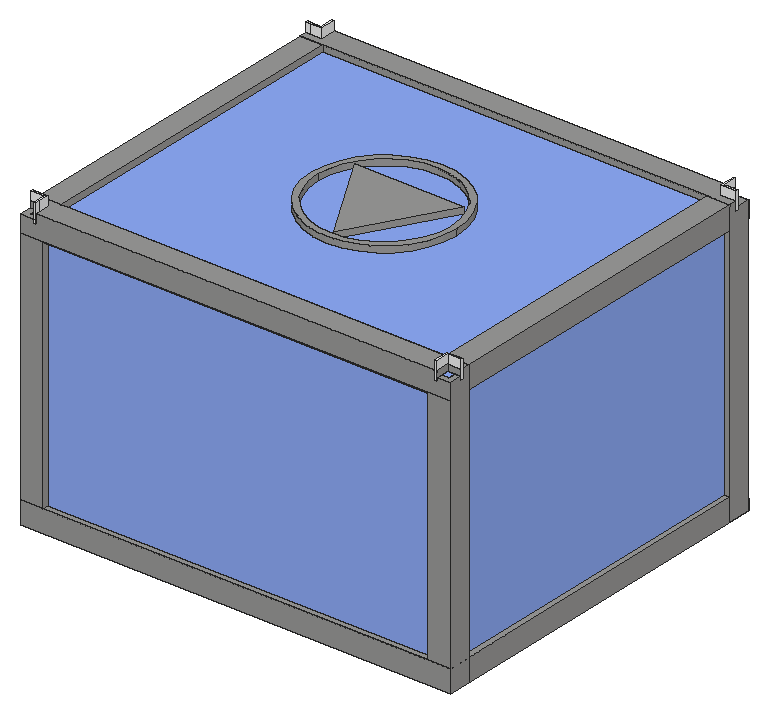
Revit family "3 Вентиляторы UTR WRH", category Оборудование, Revit 2016
Family settings
  Тип детали = Нормальный
  Размер круглого соединителя = Использовать диаметр
  На основе рабочей плоскости = Нет
  Всегда вертикально = Да
  При загрузке вырезать с полостями = Нет
  Общий = Нет
  Точка расчета площади = Нет
Parameters (values of type "50-25 WRH.22.4D")
  ширина = 500 mm
  размер В = 635 mm
  значок [instance] = yes
  высота = 250 mm
  Синий = Синий
  Д1 = Д - 20 mm  # 595 mm
  Д = 615 mm
  ножки(да/нет) [instance] = no
  Г = 395 mm
  Б1 = Б - 20 mm  # 450 mm
  А1 = А - 20 mm  # 690 mm
  А = 710 mm
  высота ножек = 50 mm
  Б = 470 mm
  Частотный преобразователь [instance] = no
  Частота вращения n, об/мин = "1428"
  Тип, марка, обозначение = "UTR 50-25 WRH.22.4D"
  Сила тока J, А = "0,95/1,65"
  Регулятор расхода [instance] = no
  Раздел = "ОВ"
  Примечание = ""
  Позиция = ""
  Напряжение U,В = "3х380/1x220"
  Наименование и тех.хар-ка = "Радиальный вентилятор с вперед загнутыми лопатками"  # constant formula
  Мощность двигателя N,Вт = "520"
  Материал = RAL 0000 Серый металл
  Масса единицы = "45.5"
  Код, оборудования = ""
  Ключевая пометка = "Вентиляция"
  Задание электрикам [instance] = no
  Задание автоматчикам [instance] = no
  Завод изготовитель = "KORF"  # constant formula
  Единица измерения = "шт."  # constant formula
  h = высота ножек + 10 mm  # 60 mm
Types (32, lengths in mm): name | ширина | размер В | высота | Д1 | Д | Г | Б1 | А1 | А | Б | Частота вращения n, об/мин | Тип, марка, обозначение | Сила тока J, А | Напряжение U,В | Мощность двигателя N,Вт | Материал | Масса единицы
  50-25 WRH.22.4E | 500 | 635 | 250 | 595 | 615 | 395 | 450 | 690 | 710 | 470 | "1418" | "UTR 50-25 WRH. 22.4E" | "2,3" | "1х220" | "480" | Сталь серая | "46"
  50-25 WRH.22.4D | 500 | 635 | 250 | 595 | 615 | 395 | 450 | 690 | 710 | 470 | "1428" | "UTR 50-25 WRH.22.4D" | "0,95/1,65" | "3х380/1x220" | "520" | RAL 0000 Серый металл | "45.5"
  50-25 WRH.22.6D | 500 | 635 | 250 | 595 | 615 | 395 | 450 | 690 | 710 | 470 | "952" | "UTR 50-25 WRH.22.6D" | "0,46/0,8" | "3х380/1x220" | "230" | Сталь серая | "44,5"
  50-25 WRH.25.4E | 500 | 635 | 250 | 630 | 650 | 395 | 450 | 690 | 710 | 470 | "1390" | "UTR 50-25 WRH.25.4E" | "3,7" | "1x220" | "820" | Сталь серая | "50,5"
  50-25 WRH.25.4D | 500 | 635 | 250 | 630 | 650 | 395 | 450 | 690 | 710 | 470 | "1461" | "UTR 50-25 WRH.25.4D" | "2,2/3,8" | "3х380/1x220" | "940" | Сталь серая | "50"
  50-25 WRH.25.6D | 500 | 635 | 250 | 630 | 650 | 395 | 450 | 690 | 710 | 470 | "930" | "UTR 50-25 WRH.25.6D" | "0,92/1,6" | "3х380/1x220" | "360" | Сталь серая | "47"
  50-30 WRH.25.4E | 500 | 635 | 300 | 630 | 650 | 445 | 500 | 690 | 710 | 520 | "1390" | "UTR 50-30 WRH.25.4E" | "3,7" | "1x220" | "820" | Сталь серая | "52"
  50-30 WRH.25.4D | 500 | 635 | 300 | 630 | 650 | 445 | 500 | 690 | 710 | 520 | "1461" | "UTR 50-30 WRH.25.4D" | "2,2/3,8" | "3x380/1x220" | "940" | Сталь серая | "51,5"
  50-30 WRH.25.6D | 500 | 635 | 300 | 630 | 650 | 445 | 500 | 690 | 710 | 520 | "930" | "UTR 50-30 WRH.25.6D" | "0,92/1,6" | "3x380/1x220" | "360" | Сталь серая | "48,5"
  50-30 WRH.28.4E | 500 | 635 | 300 | 710 | 730 | 445 | 500 | 690 | 710 | 520 | "1370" | "UTR 50-30 WRH.28.4E" | "5,1" | "1x220" | "1150" | Сталь серая | "61"
  50-30 WRH.28.4D | 500 | 635 | 300 | 710 | 730 | 445 | 500 | 690 | 710 | 520 | "1415" | "UTR 50-30 WRH.28.4D" | "2,6/4,5" | "3x380/1x220" | "1740" | Сталь серая | "60"
  50-30 WRH.28.6D | 500 | 635 | 300 | 710 | 730 | 445 | 500 | 690 | 710 | 520 | "955" | "UTR 50-30 WRH.28.6D" | "1,3/2,25" | "3x380/1x220" | "580" | Сталь серая | "52"
  60-30 WRH.28.4E | 600 | 735 | 300 | 710 | 730 | 445 | 500 | 790 | 810 | 520 | "1370" | "UTR 60-30 WRH.28.4E" | "5,1" | "1x220" | "1150" | Сталь серая | "63,5"
  60-30 WRH.28.4D | 600 | 735 | 300 | 710 | 730 | 445 | 500 | 790 | 810 | 520 | "1415" | "UTR 60-30 WRH.28.4D" | "2,6/4,5" | "3x380/1x220" | "1740" | Сталь серая | "63"
  60-30 WRH.28.6D | 600 | 735 | 300 | 710 | 730 | 445 | 500 | 790 | 810 | 520 | "955" | "UTR 60-30 WRH.28.6D" | "1,3/2,25" | "3x380/1x220" | "580" | Сталь серая | "55,2"
  60-30 WRH.31.4D | 600 | 735 | 300 | 820 | 840 | 445 | 500 | 790 | 810 | 520 | "1415" | "UTR 60-30 WRH.31.4D" | "4,9/8,5" | "3x380/1x220" | "2480" | Сталь серая | "74"
  60-30 WRH.31.6D | 600 | 735 | 300 | 820 | 840 | 445 | 500 | 790 | 810 | 520 | "930" | "UTR 60-30 WRH.31.6D" | "1,8/3,1" | "3x380/1x220" | "1850" | Сталь серая | "68"
  60-35 WRH.31.4D | 600 | 735 | 350 | 820 | 840 | 495 | 550 | 790 | 810 | 570 | "1415" | "UTR 60-35 WRH.31.4D" | "4,9/8,5" | "3x380/1x220" | "2480" | Сталь серая | "75"
  60-35 WRH.31.6D | 600 | 735 | 350 | 820 | 840 | 495 | 550 | 790 | 810 | 570 | "930" | "UTR 60-35 WRH.31.6D" | "1,8/3,1" | "3x380/1x220" | "1850" | Сталь серая | "69"
  60-35 WRH.35.4D | 600 | 735 | 350 | 845 | 865 | 495 | 550 | 790 | 810 | 570 | "1422" | "UTR 60-35 WRH.35.4D" | "6,0/10,5" | "3x380/1x220" | "3350" | Сталь серая | "91,5"
  60-35 WRH.35.6D | 600 | 735 | 350 | 845 | 865 | 495 | 550 | 790 | 810 | 570 | "925" | "UTR 60-35 WRH.35.6D" | "2,0/3,5" | "3x380/1x220" | "1100" | Сталь серая | "77"
  70-40 WRH.35.4D | 700 | 835 | 400 | 845 | 865 | 545 | 600 | 890 | 910 | 620 | "1422" | "UTR 70-40 WRH.35.4D" | "6,0/10,5" | "3x380/1x220" | "3350" | Сталь серая | "97"
  70-40 WRH.35.6D | 700 | 835 | 400 | 845 | 865 | 545 | 600 | 890 | 910 | 620 | "925" | "UTR 70-40 WRH.35.6D" | "2,0/3,5" | "3x380/1x220" | "1100" | Сталь серая | "83"
  70-40 WRH.35.8D | 700 | 835 | 400 | 845 | 865 | 545 | 600 | 890 | 910 | 620 | "670" | "UTR 70-40 WRH.35.8D" | "1,4/2,3" | "3x380/1x220" | "650" | Сталь серая | "83"
  80-50 WRH.40.4D | 800 | 935 | 500 | 955 | 975 | 645 | 700 | 990 | 1010 | 720 | "1415" | "UTR 80-50 WRH.40.4D" | "8,1" | "3x380" | "4980" | Сталь серая | "122"
  80-50 WRH.40.6D | 800 | 935 | 500 | 955 | 975 | 645 | 700 | 990 | 1010 | 720 | "945" | "UTR 80-50 WRH.40.6D" | "5,1/8,8" | "3x380/1x220" | "2810" | Сталь серая | "115"
  80-50 WRH.40.8D | 800 | 935 | 500 | 955 | 975 | 645 | 700 | 990 | 1010 | 720 | "701" | "UTR 80-50 WRH.40.8D" | "2,29/4,0" | "3x380/1x220" | "1240" | Сталь серая | "101"
  80-50 WRH.45.4D | 800 | 935 | 500 | 1080 | 1100 | 645 | 700 | 990 | 1010 | 720 | "1265" | "UTR 80-50 WRH.45.4D" | "8,3" | "3x380" | "4900" | Сталь серая | "132"
  80-50 WRH.45.6D | 800 | 935 | 500 | 1080 | 1100 | 645 | 700 | 990 | 1010 | 720 | "930" | "UTR 80-50 WRH.45.6D" | "6,8/11,8" | "3x380/1x220" | "3750" | Сталь серая | "132"
  90-50 WRH.45.4D | 900 | 1050 | 500 | 1080 | 1100 | 645 | 720 | 1105 | 1125 | 740 | "1265" | "UTR 90-50 WRH.45.4D" | "8,3" | "3x380" | "4900" | Сталь серая | "142"
  90-50 WRH.45.6D | 900 | 1050 | 500 | 1080 | 1100 | 645 | 720 | 1105 | 1125 | 740 | "930" | "UTR 90-50 WRH.45.6D" | "6,8/11,8" | "3x380/1x220" | "3750" | Сталь серая | "142"
  90-50 WRH.45.8D | 900 | 1050 | 500 | 1080 | 1100 | 645 | 720 | 1105 | 1125 | 740 | "690" | "UTR 90-50 WRH.45.8D" | "3,8/6,6" | "3x380/1x220" | "1850" | Сталь серая | "136"
Reference planes
  plane 1 "По центру (Вперед/Назад)": y = 0
  plane 2: z = 0
  plane 3 "По центру (Влево/Вправо)": x = 0
  plane 4: x = -345
  plane 5: x = 345
  plane 6: y = 297.5
  plane 7: y = -297.5
  plane 8: z = 510
  plane 9: z = 60
  plane 10: z = 535
Forms (mm)
  Extrusion 1, solid, material "Синий" <- "Синий", detail levels fine
    sketch origin (0, 0, 50) x (1, 0, 0) y (0, 1, 0)
      loop
        line (-345, 297.5) -> (-345, -297.5) -> (345, -297.5) -> (345, 297.5) -> (-345, 297.5)
    from 10 to 460
  Extrusion 2, void, not visible
    sketch origin (250, 144.929, 50) x (0, 1, 0) y (0, 0, -1)
      loop
        line (88.035, -475) -> (138.984, -475) -> (138.984, -450) -> (88.035, -450) -> (88.035, -475)
    from -47.452 to 12
  Extrusion 3, void
    sketch origin (-345, -197.465, 60) x (0, -1, 0) y (0, 0, -1)
      loop
        line (88.035, -475) -> (138.984, -475) -> (138.984, -450) -> (88.035, -450) -> (88.035, -475)
    from -47.452 to 12
  Sweep 4, solid, material "RAL 0000 Серый металл" <- "Материал", detail levels fine
    path origin (0, 0, 510) x (1, 0, 0) y (0, 1, 0)
      loop
        line (-345, -297.5) -> (345, -297.5) -> (345, 297.5) -> (-345, 297.5) -> (-345, -297.5)
    profile "Профиль уголок 10х10 : Профиль уголок 10х10" origin (0, -297.5, 510) x (0, 1, 0) y (0, 0, 1)
      loop
        line (0, -27.5) -> (0, 0) -> (27.5, 0) -> (27.5, 10) -> (-10, 10) -> (-10, -27.5) -> (0, -27.5)
  Sweep 5, solid, material "RAL 0000 Серый металл" <- "Материал", detail levels fine
    path origin (0, 0, 60) x (1, 0, 0) y (0, 1, 0)
      loop
        line (345, -297.5) -> (345, 297.5) -> (-345, 297.5) -> (-345, -297.5) -> (345, -297.5)
    profile "Профиль уголок 10х10 : Профиль уголок 10х10" origin (0, -297.5, 60) x (0, -1, 0) y (0, 0, 1)
      loop
        line (0, 27.5) -> (0, 0) -> (-27.5, 0) -> (-27.5, -10) -> (10, -10) -> (10, 27.5) -> (0, 27.5)
  Extrusion 6, void
    sketch origin (-244.965, 297.5, 60) x (-1, 0, 0) y (0, 0, -1)
      loop
        line (88.035, -475) -> (138.984, -475) -> (138.984, -450) -> (88.035, -450) -> (88.035, -475)
    from -47.452 to 12
  Extrusion 7, void
    sketch origin (345, 197.465, 60) x (0, 1, 0) y (0, 0, -1)
      loop
        line (88.035, -475) -> (138.984, -475) -> (138.984, -450) -> (88.035, -450) -> (88.035, -475)
    from -47.452 to 12
  Extrusion 8, void
    sketch origin (244.965, -297.5, 60) x (1, 0, 0) y (0, 0, -1)
      loop
        line (88.035, -475) -> (138.984, -475) -> (138.984, -450) -> (88.035, -450) -> (88.035, -475)
    from -47.452 to 12
  Sweep 9, solid, material "RAL 0000 Серый металл" <- "Материал", detail levels fine
    path origin (-345, 297.5, 50) x (1, 0, 0) y (0, 0, -1)
      loop
        line (0, -10) -> (0, -460) -> (690, -460) -> (690, -10) -> (0, -10)
    profile "Профиль уголок 10х10 : Профиль уголок 10х10" origin (-345, 297.5, 285) x (1, 0, 0) y (0, 1, 0)
      loop
        line (0, -27.5) -> (0, 0) -> (27.5, 0) -> (27.5, 10) -> (-10, 10) -> (-10, -27.5) -> (0, -27.5)
  Sweep 10, solid, material "RAL 0000 Серый металл" <- "Материал", detail levels fine
    path origin (345, -297.5, 50) x (-1, 0, 0) y (0, 0, -1)
      loop
        line (0, -10) -> (0, -460) -> (690, -460) -> (690, -10) -> (0, -10)
    profile "Профиль уголок 10х10 : Профиль уголок 10х10" origin (345, -297.5, 285) x (-1, 0, 0) y (0, -1, 0)
      loop
        line (0, -27.5) -> (0, 0) -> (27.5, 0) -> (27.5, 10) -> (-10, 10) -> (-10, -27.5) -> (0, -27.5)
  Extrusion 11, solid, material "RAL 0000 Серый металл" <- "Материал", visible <- "значок", detail levels fine
    sketch origin (0, 0, 0) x (1, 0, 0) y (0, 1, 0)
      loop
        circle (0, 0) r 120
      loop
        circle (0, 0) r 110
      loop
        line (0, -105) -> (90, 50.885) -> (-90, 50.885) -> (0, -105)
    from 510 to 520
Cuts and joins
  Extrusion 3, Extrusion 6, Extrusion 7, Extrusion 8 cuts Extrusion 1
  Extrusion 3, Extrusion 6, Extrusion 7, Extrusion 8 cuts Sweep 4
  Extrusion 3, Extrusion 8 cuts Sweep 10
  Extrusion 6, Extrusion 7 cuts Sweep 9
Dimensions and locks
  equal spacing: plane 6, plane 1 "По центру (Вперед/Назад)", plane 7
  "Д1": plane 6 to plane 7
  equal spacing: plane 4, plane 3 "По центру (Влево/Вправо)", plane 5
  "А1": plane 4 to plane 5
  "h": plane 9 to level
  "Б1": plane 8 to plane 9
  locked: plane 10 to plane 8 at 25
  Sweep 5 to level = 50 mm
  aligned and locked: level to plane 2
  aligned and locked: plane 6 to Extrusion 1
  aligned and locked: plane 5 to Extrusion 1
  aligned and locked: Extrusion 1 to plane 7
  aligned and locked: Extrusion 1 to plane 4
  aligned and locked: plane 8 to Extrusion 1
  aligned and locked: Extrusion 1 to plane 9
  aligned and locked: Extrusion 3 to nested 6
  aligned and locked: nested 6 to Extrusion 3
  aligned and locked: nested 6 to plane 10
  aligned and locked: nested 6 to cut or joined group of Extrusion 3, Sweep 4, Extrusion 6, Extrusion 7, Extrusion 8  (x2)
  aligned and locked: Extrusion 6 to nested 7  (x2)
  aligned and locked: nested 7 to cut or joined group of Extrusion 3, Sweep 4, Extrusion 6, Extrusion 7, Extrusion 8  (x2)
  aligned and locked: plane 10 to Extrusion 6
  aligned and locked: Extrusion 7 to nested 8  (x2)
  aligned and locked: nested 8 to plane 10
  aligned and locked: Extrusion 8 to nested 9  (x2)
  aligned and locked: nested 9 to cut or joined group of Extrusion 3, Sweep 4, Extrusion 6, Extrusion 7, Extrusion 8  (x2)
  aligned and locked: nested 9 to plane 10
  aligned and locked: Sweep 10 sketch curve to cut or joined group of Extrusion 1, Extrusion 3, Extrusion 6, Extrusion 7, Extrusion 8  (x2)
  aligned and locked: nested 8 to cut or joined group of Extrusion 6, Extrusion 7, Sweep 9
  aligned and locked: nested 3 to Sweep 5
  aligned and locked: nested 2 to Sweep 5
  aligned and locked: nested 1 to Sweep 5  (x2)
  aligned and locked: nested 4 to Sweep 5  (x2)
  aligned and locked: nested 8 to cut or joined group of Extrusion 3, Sweep 4, Extrusion 6, Extrusion 7, Extrusion 8
  aligned and locked: Sweep 5 to nested 3
  aligned and locked: Sweep 5 to nested 2
  aligned and locked: nested 10 to plane 5
  aligned and locked: plane 7 to nested 10
  aligned and locked: Extrusion 11 to plane 8
  aligned and locked: plane 7 to nested 11
  aligned and locked: plane 9 to nested 11
  aligned and locked: cut or joined group of Extrusion 3, Sweep 4, Extrusion 6, Extrusion 7, Extrusion 8 to Extrusion 11
Automatic sketch dimensions
  Extrusion 2 sketch curve to Extrusion 2 sketch curve = 50.949 mm
  Extrusion 2 sketch curve to Extrusion 2 sketch curve = 25 mm
  Extrusion 3 sketch curve to Extrusion 3 sketch curve = 50.949 mm
  Extrusion 3 sketch curve to Extrusion 3 sketch curve = 25 mm
  Extrusion 1 sketch curve to plane 4 = 0 mm
  Extrusion 1 sketch curve to plane 5 = 0 mm
  Extrusion 1 sketch curve to plane 7 = 0 mm
  Extrusion 1 sketch curve to plane 6 = 0 mm
  Sweep 4 sketch curve to Extrusion 1 = 0 mm  (x3)
  Extrusion 1 to Sweep 4 sketch curve = 0 mm
  Sweep 5 sketch curve to Extrusion 1 = 0 mm  (x3)
  Extrusion 1 to Sweep 5 sketch curve = 0 mm
  Extrusion 6 sketch curve to Extrusion 6 sketch curve = 50.949 mm
  Extrusion 6 sketch curve to Extrusion 6 sketch curve = 25 mm
  Extrusion 7 sketch curve to Extrusion 7 sketch curve = 50.949 mm
  Extrusion 7 sketch curve to Extrusion 7 sketch curve = 25 mm
  Extrusion 8 sketch curve to Extrusion 8 sketch curve = 50.949 mm
  Extrusion 8 sketch curve to Extrusion 8 sketch curve = 25 mm
  Extrusion 1 to Sweep 9 sketch curve = 0 mm
  Sweep 9 sketch curve to Extrusion 1 = 0 mm  (x3)
  Sweep 10 sketch curve to Extrusion 1 = 0 mm  (x2)
  Extrusion 11 sketch curve to Extrusion 11 sketch curve = 0 mm  (x2)
  Extrusion 11 sketch curve to plane 3 "По центру (Влево/Вправо)" = 0 mm  (x2)
  plane 1 "По центру (Вперед/Назад)" to Extrusion 11 sketch curve = 0 mm
  plane 1 "По центру (Вперед/Назад)" to Extrusion 11 sketch curve = 105 mm
  Extrusion 11 sketch curve to plane 3 "По центру (Влево/Вправо)" = 90 mm
  plane 3 "По центру (Влево/Вправо)" to Extrusion 11 sketch curve = 90 mm
  Extrusion 11 sketch curve to plane 1 "По центру (Вперед/Назад)" = 50.885 mm
  radius of Extrusion 11 sketch curve = 120 mm
  radius of Extrusion 11 sketch curve = 110 mm
Nested families
  nested 1: "Ножка 50мм" at (-358, 310.5, 0), visible <- "ножки(да/нет)", type "Ножка 50мм", detail levels fine
  nested 2: "Ножка 50мм" at (358, 310.5, 0) x (-1, 0, 0) z (0, 0, 1), visible <- "ножки(да/нет)", type "Ножка 50мм", detail levels fine
  nested 3: "Ножка 50мм" at (-358, -310.5, 0), visible <- "ножки(да/нет)", type "Ножка 50мм", detail levels fine
  nested 4: "Ножка 50мм" at (358, -310.5, 0) x (-1, 0, 0) z (0, 0, 1), visible <- "ножки(да/нет)", type "Ножка 50мм", detail levels fine
  nested 5: "крепление 15мм" at (-330, 229.965, 495), type "крепление 15мм", not visible, detail levels fine
  nested 6: "крепление 15мм" at (-330, -282.5, 505), type "крепление 15мм", detail levels fine
  nested 7: "крепление 15мм" at (-330, 282.5, 505) x (0, -1, 0) z (0, 0, 1), type "крепление 15мм", detail levels fine
  nested 8: "крепление 15мм" at (330, 282.5, 505) x (-1, 0, 0) z (0, 0, 1), type "крепление 15мм", detail levels fine
  nested 9: "крепление 15мм" at (330, -282.5, 505) x (0, 1, 0) z (0, 0, 1), type "крепление 15мм", detail levels fine
  nested 10: "УГО вентилятор(план)" at (0, 0, 510), Ширина <- "А1", длина <- "Д1", type "УГО вентилятор", detail levels coarse
    with длина 595 mm, Ширина 690 mm
  nested 11: "УГО вентилятор (разрез)" at (0, 0, 60) x (0, -1, 0) z (0, 0, 1), высота <- "Б1", длина <- "Д1", type "УГО вентилятор (разрез)", detail levels medium
    with длина 595 mm, высота 450 mm, Ширина 0 mm
Connectors
  hvac at (0, -297.5, 285), driven by "высота", driven by "ширина"
    settings: on cut or joined group of Extrusion 3, Extrusion 8, Sweep 10, index 1, duct flow 0.0 L/s, flow factor 0, pres drop 0.0 Pa, loss coef 0, conn angle 0.00°, conn width 500 mm, conn height 250 mm, conn diameter 609.6 mm, duct sys type 28, conn prof type 1, flow config 0, flow direction 0, loss method 0, conn ref index 2, conn util no, is conn primary yes, conn desc ""
  hvac at (0, 307.5, 285), driven by "высота", driven by "ширина"
    settings: on cut or joined group of Extrusion 6, Extrusion 7, Sweep 9, index 2, duct flow 0.0 L/s, flow factor 0, pres drop 0.0 Pa, loss coef 0, conn angle 0.00°, conn width 500 mm, conn height 250 mm, conn diameter 609.6 mm, duct sys type 28, conn prof type 1, flow config 0, flow direction 0, loss method 0, conn ref index 1, conn util no, is conn primary no, conn desc ""
Definition of nested family "Ножка 50мм"
  Parameters (values of type "Ножка 50мм")
    Материал ножек = none
  Reference planes
    plane 1 "По центру (Вперед/Назад)": y = 0
    plane 2: z = 0
    plane 3 "По центру (Влево/Вправо)": x = 0
  Forms (mm)
    Extrusion 1, solid, material <- "Материал ножек"
      sketch origin (0, 0, 0) x (1, 0, 0) y (0, 1, 0)
        loop
          line (0, 0) -> (0, -28) -> (3, -28) -> (3, -3) -> (28, -3) -> (28, 0) -> (0, 0)
      from 0 to 70
    Extrusion 2, solid, material <- "Материал ножек"
      sketch origin (0, 0, 0) x (1, 0, 0) y (0, 1, 0)
        loop
          line (0, 0) -> (0, -28.035) -> (28.021, -28.035) -> (28.021, 0) -> (0, 0)
      from 0 to 3
  Cuts and joins
    joined: Extrusion 1, Extrusion 2
  Dimensions and locks
    Extrusion 1 sketch curve to Extrusion 1 sketch curve = 3 mm  (x2)
    Extrusion 1 sketch curve to Extrusion 1 sketch curve = 28 mm  (x2)
    aligned and locked: level to plane 2
Definition of nested family "крепление 15мм"
  Parameters (values of type "крепление 15мм")
    Материал крепления = none
  Reference planes
    plane 1 "По центру (Вперед/Назад)": y = 0
    plane 2: z = 0
    plane 3 "По центру (Влево/Вправо)": x = 0
  Forms (mm)
    Extrusion 1, solid, material <- "Материал крепления"
      sketch origin (0, 0, 0) x (1, 0, 0) y (0, 1, 0)
        loop
          line (-25, 0) -> (0, 0) -> (0, 18.31) -> (0, 25) -> (-3, 25) -> (-3, 3) -> (-25, 3) -> (-25, 0)
      from 0 to 30
    Extrusion 2, void
      sketch origin (0, 0, 0) x (1, 0, 0) y (0, 1, 0)
        loop
          line (-3, 3) -> (-3, 54.96) -> (-58, 54.96) -> (-58, 3) -> (-3, 3)
      from 0 to 15
  Cuts and joins
    Extrusion 2 cuts Extrusion 1
  Dimensions and locks
    Extrusion 1 sketch curve to Extrusion 1 sketch curve = 3 mm  (x2)
    Extrusion 1 sketch curve to Extrusion 1 sketch curve to plane 3 "По центру (Влево/Вправо)" = 25 mm, 0 mm
    Extrusion 1 sketch curve to Extrusion 1 sketch curve = 25 mm
    aligned and locked: level to plane 2
Definition of nested family "УГО вентилятор(план)"
  Parameters (values of type "УГО вентилятор")
    длина [instance] = 750 mm
    Ширина [instance] = 410 mm
    Частота вращения n, об/мин = ""
    Тип, марка, обозначение = ""
    Сила тока J, А = ""
    Раздел = "ВПИСАТЬ РАЗДЕЛ"
    Примечание = ""
    Позиция = ""
    Default Elevation = 1219.2 mm
    Напряжение U,В = ""
    Наименование и тех.хар-ка = ""
    Мощность двигателя N,Вт = ""
    Материал = none
    Масса единицы = ""
    Код, оборудования = ""
    Keynote = "ВПИСАТЬ СПЕЦИАЛЬНОСТЬ"
    Завод изготовитель = ""
    Единица измерения = ""
    Диаметр = 110 mm
  Reference planes
    plane 1 "По центру (Вперед/Назад)": y = 0
    plane 2: z = 0
    plane 3 "По центру (Влево/Вправо)": x = 0
    plane 4: y = 375
    plane 5: y = -375
    plane 6: x = -205
    plane 7: x = 205
  Lines and regions (mm)
    model lines
      curve 1: line (-205, 375, 0) -> (205, 375, 0)
      curve 2: line (-205, -375, 0) -> (-205, 375, 0)
      curve 3: line (205, -375, 0) -> (-205, -375, 0)
      curve 4: line (205, 375, 0) -> (205, -375, 0)
      curve 5: circle (0, 0, 0) r 110 normal (0, 0, 1)
      curve 6: line (0, -110, 0) -> (95.263, 55, 0)
      curve 7: line (-95.263, 55, 0) -> (95.263, 55, 0)
      curve 8: line (0, -110, 0) -> (-95.263, 55, 0)
  Dimensions and locks
    "Ширина": plane 6 to plane 7
    "длина": plane 4 to plane 5
    equal spacing: plane 5, plane 1 "По центру (Вперед/Назад)", plane 4
    equal spacing: plane 6, plane 3 "По центру (Влево/Вправо)", plane 7
    "Диаметр": radius of curve 5
    aligned and locked: level to plane 2
  Automatic sketch dimensions
    plane 5 to curve 3 = 0 mm
    curve 3 to plane 6 = 0 mm
    curve 8 to plane 3 "По центру (Влево/Вправо)" = 0 mm
    plane 1 "По центру (Вперед/Назад)" to curve 5 = 0 mm
    curve 5 to plane 3 "По центру (Влево/Вправо)" = 0 mm
    curve 1 to plane 4 = 0 mm
    curve 1 to plane 7 = 0 mm
    curve 8 to plane 1 "По центру (Вперед/Назад)" = 55 mm
Definition of nested family "УГО вентилятор (разрез)"
  Parameters (values of type "УГО вентилятор (разрез)")
    длина [instance] = 750 mm
    высота [instance] = 410 mm
    Ширина [instance] = 410 mm
    Частота вращения n, об/мин = ""
    Тип, марка, обозначение = ""
    Сила тока J, А = ""
    Раздел = ""
    Примечание = ""
    Позиция = ""
    Default Elevation = 1219.2 mm
    Напряжение U,В = ""
    Наименование и тех.хар-ка = ""
    Мощность двигателя N,Вт = ""
    Материал = none
    Масса единицы = ""
    Код, оборудования = ""
    Keynote = ""
    Завод изготовитель = ""
    Единица измерения = ""
    Диаметр = 110 mm
  Reference planes
    plane 1 "По центру (Вперед/Назад)": y = 0
    plane 2: z = 0
    plane 3 "По центру (Влево/Вправо)": x = 0
    plane 4: z = 410
    plane 5: x = 375
    plane 6: x = -375
    plane 7: z = 205
  Lines and regions (mm)
    model lines
      curve 1: circle (0, 0, 205) r 110 normal (0, -1, 0)
      curve 2: line (110, 0, 205) -> (-53.146, 0, 301.309)
      curve 3: line (110, 0, 205) -> (-53.146, 0, 108.691)
      curve 4: line (-375, 0, 0) -> (375, 0, 0)
      curve 5: line (-375, 0, 410) -> (-375, 0, 0)
      curve 6: line (375, 0, 410) -> (-375, 0, 410)
      curve 7: line (375, 0, 0) -> (375, 0, 410)
      curve 8: line (-53.146, 0, 301.309) -> (-53.146, 0, 108.691)
  Dimensions and locks
    equal spacing: plane 5, plane 3 "По центру (Влево/Вправо)", plane 6
    "длина": plane 5 to plane 6
    "высота": plane 4 to level
    equal spacing: plane 4, plane 7, plane 2
    radius of curve 1 = 110 mm
    aligned and locked: level to plane 2
  Automatic sketch dimensions
    curve 5 to level = 0 mm
    curve 5 to plane 6 = 0 mm
    curve 1 to plane 3 "По центру (Влево/Вправо)" = 0 mm
    curve 7 to plane 4 = 0 mm
    curve 7 to plane 5 = 0 mm
    curve 1 to plane 7 = 0 mm
    curve 2 to plane 7 = 0 mm
    curve 2 to plane 3 "По центру (Влево/Вправо)" = 53.146 mm
    curve 8 to curve 2 = 0 mm
    curve 3 to curve 8 = 0 mm
